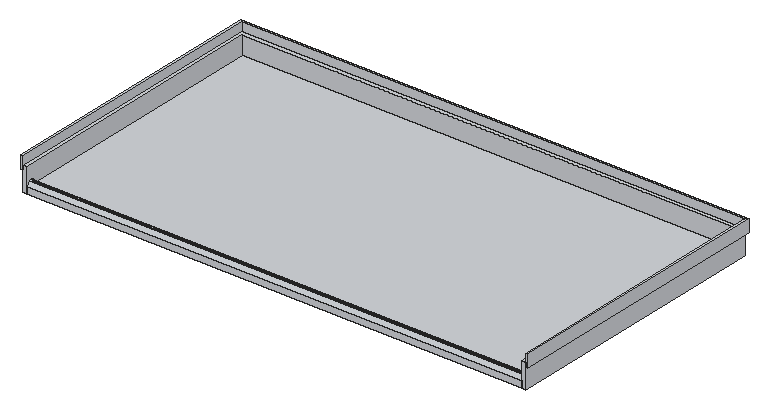
Revit family "Shower_Base-Willoughby AS-S3060ADA-R", category Plumbing Fixtures, Revit 2015
Parameters (values of type "Right Drain")
  Waste Connection = no
  Vent Connection = no
  URL = "https://www.willoughby-ind.com/wp-content/uploads/2018/01/AS-S3060ADA.pdf"
  Revision = "A"
  Model = "AS-S3060ADA-R"
  Manufacturer = "Willoughby Industries"
  Location Drain = 3' - 6 1/4"
  HW Connection = no
  Drain Rear Edge = 0' - 5 3/8"
  Description = "30\" X 60\" Shower Base, Rear Trench, Right Drain"
  Contact number = "(800) 428-4065"
  CW Connection = no
Reference planes (in)
  plane 1 "Center (Front/Back)": y = 0
  plane 2: z = 0
  plane 3 "Center (Left/Right)": x = 0
Forms (in)
  Extrusion 1, solid
    sketch origin (0, 0, 0) x (1, 0, 0) y (0, 1, 0)
      loop
        line (-30.5, 0) -> (-30.5, -18) -> (30.5, -18) -> (30.5, 15.25) -> (-30.5, 15.25) -> (-30.5, 0)
    from 0 to 0.75
  Extrusion 2, solid
    sketch origin (0, 0, 0) x (1, 0, 0) y (0, 1, 0)
      loop
        line (-30.5, -18) -> (-30.5, 15.25) -> (30.5, 15.25) -> (30.5, -18) -> (31, -18) -> (31, 15.75) -> (-31, 15.75) -> (-31, -18) -> (-30.5, -18)
    from 0 to 3
  Extrusion 3, solid
    sketch origin (0, 0, 0) x (1, 0, 0) y (0, 1, 0)
      loop
        line (-31.25, -18) -> (-31, -18) -> (-31, 15.75) -> (31, 15.75) -> (31, -18) -> (31.25, -18) -> (31.25, 16) -> (-31.25, 16) -> (-31.25, -18)
    from 2.5 to 4
  Extrusion 4, solid
    sketch origin (0, 0, 0) x (1, 0, 0) y (0, 1, 0)
      loop
        circle (11, 10.625) r 1
    from -1.5625 to 0
  Extrusion 5, solid
    sketch origin (0, 0, 0) x (0, 1, 0) y (0, 0, 1)
      loop
        line (-18, 0.75) -> (-16.875, 0.75) -> (-17.18771, 1.27118)
        arc (-17.18771, 1.27118) -> (-17.26968, 1.34416) -> (-17.375, 1.375) r 0.25
        line (-17.375, 1.375) -> (-17.5, 1.375)
        arc (-17.5, 1.375) -> (-17.60532, 1.34416) -> (-17.68729, 1.27118) r 0.25
        line (-17.68729, 1.27118) -> (-18, 0.75)
    from -30.5 to 30.5
Dimensions and locks (in)
  "Location Drain": Extrusion 3 to Extrusion 4 sketch curve
  "Drain Rear Edge": Extrusion 3 to Extrusion 4 sketch curve
  aligned and locked: level to plane 2
  aligned and locked: Extrusion 5 to Extrusion 2
  aligned and locked: Extrusion 2 to Extrusion 1 sketch curve
  aligned and locked: Extrusion 1 sketch curve to Extrusion 2  (x2)
Automatic sketch dimensions
  Extrusion 2 sketch curve to plane 3 "Center (Left/Right)" = 2' - 7"
  Extrusion 2 sketch curve to Extrusion 2 sketch curve = 0' - 0 1/2"  (x3)
  plane 3 "Center (Left/Right)" to Extrusion 2 sketch curve = 2' - 6 1/2"
  plane 1 "Center (Front/Back)" to Extrusion 2 sketch curve = 1' - 6"  (x2)
  Extrusion 2 sketch curve to plane 1 "Center (Front/Back)" = 1' - 3 1/4"
  level to Extrusion 5 sketch curve = 0' - 0 3/4"
  plane 1 "Center (Front/Back)" to Extrusion 5 sketch curve = 1' - 6"
  level to Extrusion 5 sketch curve = 0' - 1.27118"  (x2)
  Extrusion 5 sketch curve to Extrusion 5 sketch curve = 0' - 0.31271"  (x2)
  Extrusion 5 sketch curve to Extrusion 5 sketch curve = 0' - 0.18729"  (x2)
  Extrusion 5 sketch curve to Extrusion 5 sketch curve = 0' - 0.20317"
  Extrusion 5 sketch curve to Extrusion 5 sketch curve = 0' - 0.09324"
  Extrusion 5 sketch curve to Extrusion 5 sketch curve = 0' - 0 1/8"
  Extrusion 5 sketch curve to Extrusion 5 sketch curve = 0' - 0.14568"
  Extrusion 3 sketch curve to plane 3 "Center (Left/Right)" = 2' - 7 1/4"
  Extrusion 3 sketch curve to Extrusion 3 sketch curve = 0' - 0 1/4"  (x3)
  plane 3 "Center (Left/Right)" to Extrusion 3 sketch curve = 2' - 7"
  plane 1 "Center (Front/Back)" to Extrusion 3 sketch curve = 1' - 6"  (x2)
  Extrusion 3 sketch curve to plane 1 "Center (Front/Back)" = 1' - 3 3/4"
  plane 1 "Center (Front/Back)" to Extrusion 1 sketch curve = 0' - 0"
  plane 1 "Center (Front/Back)" to Extrusion 1 sketch curve = 1' - 6"
  radius of Extrusion 4 sketch curve = 0' - 1"
